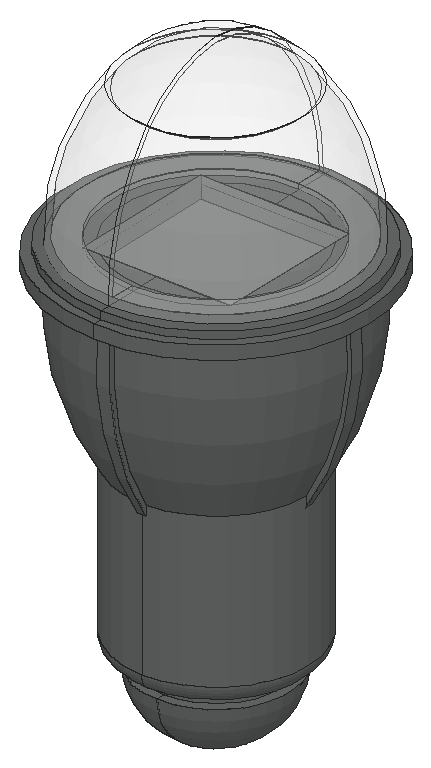
Revit family "MET30", category Lighting Fixtures, host Face, Revit 2021
Family settings
  Host = Face
  Round Connector Dimension = Use Diameter
  Part Type = Normal
  OmniClass Number = 23.80.70.14.21
  OmniClass Title = Street and Roadway Lighting
  Cut with Voids When Loaded = No
  Light Source = Yes
  Shared = No
  Room Calculation Point = No
Parameters (values of type "Basic Black Textured")
  Watts = 136 W
  Wattage Comments = "55-136 W"  # constant formula
  Wattage = 55 W
  built-in parameter 1150110 = 1 (stored number, unit not read)
  Voltage = 120 V  # constant formula
  URL = "https://www.currentlighting.com/beacon"
  built-in parameter 1114217 = 1 (stored number, unit not read)
  Tilt Angle = -90.00°
  built-in parameter 1150109 = 1 (stored number, unit not read)
  built-in parameter 1150134 = 2
  built-in parameter 1150113 = 1 (stored number, unit not read)
  Product Page URL = ""
  Product Documentation Link = ""
  Photometric Web File = "generic"
  built-in parameter 1150142 = (empty or 0)
  Model = "Metropolis"  # constant formula
  Style Option [instance] = Metropolis Style : DEF
  Manufacturer = " Beacon Products"  # constant formula
  built-in parameter 1150105 = 650.13 (stored number, unit not read)
  Lumens = 8169.81 lm
  built-in parameter 1150115 = 1 (stored number, unit not read)
  built-in parameter 1150137 = (empty or 0)
  built-in parameter 1150139 = (empty or 0)
  Light Bulb Material = Glass
  built-in parameter 1150112 = 1 (stored number, unit not read)
  built-in parameter 1150114 = 1 (stored number, unit not read)
  Lamp = "LED"  # constant formula
  built-in parameter 1150132 = (empty or 0)
  built-in parameter 1150102 = (empty or 0)
  built-in parameter 1150107 = 5000 (stored number, unit not read)
  built-in parameter 1150138 = (empty or 0)
  built-in parameter 1150106 = 6.5013 (stored number, unit not read)
  Finish = Paint - Basic Black Textured
  built-in parameter 1150104 = 13.8 (stored number, unit not read)
  Dimming Lamp Color Temperature Shift = <None>
  Description = "30” Metropolis Luminaire"  # constant formula
  Default Elevation = 48"
  Color Filter = 16777215
  built-in parameter 1114218 = 1 (stored number, unit not read)
  built-in parameter 1150133 = 10 (stored number, unit not read)
  Apparent Load = 0 VA
Types (13): name | Style Option | Finish
  (no name) | Metropolis Style : DEF | Paint - Basic Black Textured
  Basic Black Textured | Metropolis Style : DEF | Paint - Basic Black Textured
  Black Matte Textured | Metropolis Style : DEF | Paint -Black Matte Textured
  Bronze Textured | Metropolis Style : DEF | Paint -  Bronze Textured
  Dark Bronze Textured | Metropolis Style : DPF | Paint - Dark Bronze Textured
  Dark Platinum Smooth | Metropolis Style : DEF | Paint - Dark Platinum Smooth
  Gray Smooth | Metropolis Style : DPF | Paint - Gray Smooth
  Green Textured | Metropolis Style : DEF | Paint - Green Textured
  Metallic Bronze Textured | Metropolis Style : DEF | Paint -  Metallic Bronze Textured
  Metallic Silver Textured | Metropolis Style : DEF | Paint - Metallic Silver Textured
  Metallic Titanium Textured | Metropolis Style : DEF | Paint -  Metallic Titanium Textured
  Old World Iron | Metropolis Style : DEF | Paint - Old World Iron
  White Texture | Metropolis Style : DEF | Paint -  White Texture
Reference planes (in)
  plane 1 "Center (Front/Back)": y = 0.03999
  plane 2: z = 0
  plane 3 "Center (Left/Right)": x = 0.00649
Dimensions and locks (in)
  host sketch curve to plane 1 "Center (Front/Back)" to host sketch curve = 48.03999", 47.96001"
  host sketch curve to plane 3 "Center (Left/Right)" to host sketch curve = 48.00649", 47.99351"
  aligned and locked: plane 2 to host face
  aligned and locked: level to host face
  aligned and locked: plane 1 "Center (Front/Back)" to nested 1
  aligned and locked: plane 3 "Center (Left/Right)" to nested 1
  aligned and locked: imposter light to nested 1  (x2)
  aligned and locked: plane 3 "Center (Left/Right)" to imposter light
Nested families (in)
  nested 1: "Metropolis Style" at (-1.66295, 0, 0), type <- "Style Option", Finish <- "Finish", type "DEF"
    with Finish Paint - Basic Black Textured, SHA no, Lense yes, DEF yes
Connectors (in)
  electrical at (0.00649, 0.03999, 0), driven by "Voltage", driven by "Apparent Load"
    settings: on nested 1, index 1, voltage 120 V, apparent load 0 VA, apparent load phase1 0 VA, apparent load phase2 0 VA, apparent load phase3 0 VA, power factor 1, load classification "Other", number of poles 1, system type 30, power factor state 1, is connector primary yes, connector utility no, sub classification motor no, connector description "Lighting Connector"
Definition of nested family "Metropolis Style"
  Parameters
    Wattage Comments = ""
    Voltage = ""
    URL = "http://www.beaconproducts.com/"
    SHA = yes
    Product Page URL = ""
    Product Documentation Link = ""
    Nominal Watts = 0 W
    Model = ""
    Manufacturer Phone = "800-345-4928"  # constant formula
    Manufacturer Fax = "941-751-5535"  # constant formula
    Manufacturer = "Beacon Lighting"  # constant formula
    Lense = no
    Lamp = ""
    Glass = none
    Finish [instance] = none
    Description = "Orbeon is a commercial grade LED parking garage and canopy downlight which utilizes high powered LEDs, precise efficient optical control, and features\r\napplication versatility through integrated intelligent control options."
    Default Elevation = 48"
    DPF = no
    DEF = no
    Apparent Load = 0 VA
  Reference planes (in)
    plane 1 "Center (Front/Back)": y = 0.03999
    plane 2: z = 0
    plane 3 "Center (Left/Right)": x = 1.66944
    plane 4: y = 13.28999
    plane 5: y = -13.21001
    plane 6: z = 26.6
    plane 7: z = 33.6
    plane 8: z = 22.6
    plane 9: z = 4
    plane 10: z = 13.25
    plane 11: y = 7.28999
    plane 12: y = -7.21001
    plane 13: y = 5.03999
    plane 14: y = -4.96001
    plane 15: x = -2.33056
    plane 16: x = 5.66944
    plane 17: y = 4.03999
    plane 18: y = -3.96001
  Forms (in)
    Extrusion 1, solid
      sketch origin (0, 0, 0.06357) x (1, 0, 0) y (0, 1, 0)
        loop
          line (-48, 48) -> (-48, -48) -> (48, -48) -> (48, 48) -> (-48, 48)
      from -0.06357 to -17.74365
    Revolve 2, solid, material <- "Finish"
      sketch origin (1.66944, 0, 0) x (0, 1, 0) y (0, 0, 1)
        loop
          line (0.03999, 0) -> (0.03999, 23.74047) -> (-4.96001, 23.74047) -> (-7.71001, 23.74047) -> (-7.71001, 23.33357) -> (-8.21001, 23.33357) -> (-8.21001, 22.6) -> (-7.21001, 22.6)
          arc (-7.21001, 22.6) -> (-6.89532, 17.73001) -> (-4.96001, 13.25) r 14.28772
          line (-4.96001, 13.25) -> (-4.96001, 5)
          arc (-4.96001, 5) -> (-4.66712, 4.29289) -> (-3.96001, 4) r 1
          line (-3.96001, 4) -> (-3.4377, 4) -> (-3.4377, 3.35711) -> (-2.37704, 3.35711) -> (-1.87704, 2.85711) -> (-0.90069, 2.85711) -> (-0.90069, 0) -> (0.03999, 0)
        axis (0.03999, 23.74047) -> (0.03999, 0)
      angle from 0 to 360
    Extrusion 3, void
      sketch origin (0, 0, 0) x (1, 0, 0) y (0, 1, 0)
        loop
          line (-2.33056, 4.03999) -> (-2.33056, -3.96001) -> (5.66944, -3.96001) -> (5.66944, 4.03999) -> (-2.33056, 4.03999)
      from 22.6 to 23.74047
    Extrusion 4, solid, material <- "Glass"
      sketch origin (0, 0, 0) x (1, 0, 0) y (0, 1, 0)
        loop
          line (5.66944, 4.03999) -> (-2.33056, 4.03999) -> (-2.33056, -3.96001) -> (5.66944, -3.96001) -> (5.66944, 4.03999)
      from 23.33357 to 23.74047
    Revolve 5, solid, material <- "Finish", visible <- "SHA"
      sketch origin (1.66944, 0, 0) x (0, 1, 0) y (0, 0, 1)
        loop
          line (7.28999, 22.6) -> (9.97819, 22.6) -> (12.82885, 26.40089) -> (13.28999, 26.40089) -> (13.28999, 26.6) -> (12.97819, 26.6) -> (12.60319, 26.6) -> (9.82819, 22.9) -> (7.28999, 22.9) -> (7.28999, 22.6)
        axis (0.03999, 26.6) -> (0.03999, 22.6)
      angle from 0 to 360
    Revolve 6, solid, material <- "Glass", visible <- "Lense"
      sketch origin (1.66944, 0, 0) x (0, 1, 0) y (0, 0, 1)
        loop
          arc (-4.62891, 31.311) -> (-6.62476, 27.7662) -> (-7.21001, 23.74047) r 11.10425
          line (-7.21001, 23.74047) -> (-5.56831, 23.74047) -> (-5.56831, 24.04047) -> (-6.91789, 24.04047)
          arc (-6.91789, 24.04047) -> (-6.29381, 27.80431) -> (-4.40043, 31.11657) r 10.80425
          arc (-4.40043, 31.11657) -> (-2.40173, 32.65862) -> (0.03999, 33.29954) r 6.34644
          line (0.03999, 33.29954) -> (0.03999, 33.6)
          arc (0.03999, 33.6) -> (-2.5276, 32.93103) -> (-4.62891, 31.311) r 6.64644
        axis (0.03999, 33.6) -> (0.03999, 23.74047)
      angle from 0 to 360
    Revolve 7, solid, material <- "Finish", visible <- "DPF"
      sketch origin (1.66944, 0, 0) x (0, 1, 0) y (0, 0, 1)
        loop
          line (1.95703, 2.85711) -> (0.98068, 2.85711) -> (0.98068, 0) -> (1.95703, 0) -> (1.95703, 2.85711)
        axis (0.03999, 2.85711) -> (0.03999, 0)
      angle from 0 to 360
    Revolve 8, solid, material <- "Finish", visible <- "DEF"
      sketch origin (1.66944, 0, 0) x (0, 1, 0) y (0, 0, 1)
        loop
          line (0.03999, 3.35711) -> (0.03999, 0) -> (0.98068, 0)
          arc (0.98068, 0) -> (3.08173, 1.15785) -> (4.03999, 3.35711) r 3.72223
          line (4.03999, 3.35711) -> (0.03999, 3.35711)
        axis (0.03999, 3.35711) -> (0.03999, 0)
      angle from 0 to 360
    Revolve 9, solid, material <- "Finish"
      sketch origin (0, 0.03999, 0) x (1, 0, 0) y (0, 0, 1)
        loop
          arc (8.91944, 22.6) -> (8.60482, 17.72999) -> (6.66944, 13.25) r 14.28657
          line (6.66944, 13.25) -> (6.66944, 12.71466)
          arc (6.66944, 12.71466) -> (8.83839, 17.4268) -> (9.22114, 22.6) r 14.58657
          line (9.22114, 22.6) -> (8.91944, 22.6)
        axis (1.66944, 12.71466) -> (1.66944, 22.6)
      angle from -2.5 to 2.5
    Revolve 10, solid, material <- "Finish"
      sketch origin (1.66944, -1.62945, 0) x (0, 1, 0) y (0, 0, 1)
        loop
          arc (8.91944, 22.6) -> (8.60482, 17.72999) -> (6.66944, 13.25) r 14.28657
          line (6.66944, 13.25) -> (6.66944, 12.71466)
          arc (6.66944, 12.71466) -> (8.83839, 17.4268) -> (9.22114, 22.6) r 14.58657
          line (9.22114, 22.6) -> (8.91944, 22.6)
        axis (1.66944, 12.71466) -> (1.66944, 22.6)
      angle from -2.5 to 2.5
    Revolve 11, solid, material <- "Finish"
      sketch origin (3.33889, 0.03999, 0) x (-1, 0, 0) y (0, 0, 1)
        loop
          arc (8.91944, 22.6) -> (8.60482, 17.72999) -> (6.66944, 13.25) r 14.28657
          line (6.66944, 13.25) -> (6.66944, 12.71466)
          arc (6.66944, 12.71466) -> (8.83839, 17.4268) -> (9.22114, 22.6) r 14.58657
          line (9.22114, 22.6) -> (8.91944, 22.6)
        axis (1.66944, 12.71466) -> (1.66944, 22.6)
      angle from -2.5 to 2.5
    Revolve 12, solid, material <- "Finish"
      sketch origin (1.66944, 1.70943, 0) x (0, -1, 0) y (0, 0, -1)
        loop
          line (8.91944, -22.6) -> (9.22114, -22.6)
          arc (9.22114, -22.6) -> (8.83839, -17.4268) -> (6.66944, -12.71466) r 14.58657
          line (6.66944, -12.71466) -> (6.66944, -13.25)
          arc (6.66944, -13.25) -> (8.60482, -17.72999) -> (8.91944, -22.6) r 14.28657
        axis (1.66944, -12.71466) -> (1.66944, -22.6)
      angle from -2.5 to 2.5
  Cuts and joins
    Extrusion 3 cuts Revolve 2
    joined: Revolve 2, Revolve 9, Revolve 10, Revolve 11, Revolve 12
  Dimensions and locks (in)
    equal spacing: plane 4, plane 1 "Center (Front/Back)", plane 5
    locked: plane 4 to plane 1 "Center (Front/Back)" at 13.25
    locked: plane 6 to plane 2 at 26.6
    locked: plane 7 to plane 6 at 7
    locked: plane 6 to plane 8 at 4
    locked: plane 9 to plane 2 at 4
    equal spacing: plane 11, plane 1 "Center (Front/Back)", plane 12
    locked: plane 11 to plane 1 "Center (Front/Back)" at 7.25
    equal spacing: plane 13, plane 1 "Center (Front/Back)", plane 14
    equal spacing: plane 15, plane 3 "Center (Left/Right)", plane 16
    locked: plane 15 to plane 3 "Center (Left/Right)" at 4
    equal spacing: plane 17, plane 1 "Center (Front/Back)", plane 18
    locked: plane 17 to plane 1 "Center (Front/Back)" at 4
    aligned and locked: plane 2 to Extrusion 1
    aligned and locked: level to Extrusion 1
    aligned and locked: plane 1 "Center (Front/Back)" to Revolve 2 sketch curve
    aligned and locked: Revolve 2 sketch curve to Revolve 2 sketch curve
    aligned and locked: Revolve 2 sketch curve to level
    aligned and locked: Extrusion 3 sketch curve to plane 17
    aligned and locked: plane 15 to Extrusion 3 sketch curve
    aligned and locked: plane 18 to Extrusion 3 sketch curve
    aligned and locked: Extrusion 3 sketch curve to plane 16
    aligned and locked: Extrusion 3 to Revolve 2
    aligned and locked: Extrusion 3 to plane 8
    aligned and locked: Extrusion 4 sketch curve to cut or joined group of Revolve 2, Extrusion 3, Revolve 9, Revolve 10, Revolve 11, Revolve 12  (x4)
    aligned and locked: Extrusion 4 to cut or joined group of Revolve 2, Extrusion 3, Revolve 9, Revolve 10, Revolve 11, Revolve 12
    aligned and locked: cut or joined group of Revolve 2, Extrusion 3, Revolve 9, Revolve 10, Revolve 11, Revolve 12 to Extrusion 4
    aligned and locked: plane 1 "Center (Front/Back)" to Revolve 5 sketch curve
    aligned and locked: Revolve 5 sketch curve to plane 11
    aligned and locked: plane 1 "Center (Front/Back)" to Revolve 6 sketch curve
    aligned and locked: Revolve 7 sketch curve to cut or joined group of Revolve 2, Extrusion 3, Revolve 9, Revolve 10, Revolve 11, Revolve 12  (x3)
    aligned and locked: cut or joined group of Revolve 2, Extrusion 3, Revolve 9, Revolve 10, Revolve 11, Revolve 12 to Revolve 7 sketch curve
    aligned and locked: plane 1 "Center (Front/Back)" to Revolve 7 sketch curve
    aligned and locked: plane 1 "Center (Front/Back)" to Revolve 8 sketch curve  (x2)
    aligned and locked: plane 3 "Center (Left/Right)" to Revolve 9 sketch curve
  Automatic sketch dimensions
    Extrusion 1 sketch curve to Extrusion 1 sketch curve = 96"  (x2)
    Revolve 2 sketch curve to plane 8 = 0"
    Revolve 2 sketch curve to plane 12 = 0"
    Revolve 2 sketch curve to plane 14 = 0"  (x2)
    Revolve 2 sketch curve to plane 10 = 0"
    Revolve 2 sketch curve to plane 9 = 0"
    Revolve 2 sketch curve to plane 18 = 0"
    plane 12 to Revolve 2 sketch curve = 1/2"
    Revolve 2 sketch curve to Revolve 2 sketch curve = 1/2"  (x2)
    plane 18 to Revolve 2 sketch curve = 0.52231"
    Revolve 2 sketch curve to Revolve 2 sketch curve = 1.06066"
    Revolve 2 sketch curve to Revolve 2 sketch curve = 0.94069"
    plane 11 to Revolve 2 sketch curve = 0.29414"
    Revolve 2 sketch curve to Revolve 2 sketch curve = 15.4"
    Revolve 2 sketch curve to plane 9 = 1.14289"
    Revolve 2 sketch curve to plane 9 = 0.64289"
    plane 8 to Revolve 2 sketch curve = 0.73357"
    plane 8 to Revolve 2 sketch curve = 1.14047"
    plane 7 to Revolve 2 sketch curve = 8"
    Revolve 5 sketch curve to plane 8 = 0"
    Revolve 5 sketch curve to plane 6 = 0"
    Revolve 5 sketch curve to plane 4 = 0"
    plane 8 to Revolve 5 sketch curve = 0.3"
    Revolve 5 sketch curve to Revolve 5 sketch curve = 2.5382"
    Revolve 5 sketch curve to Revolve 5 sketch curve = 0.15"
    Revolve 5 sketch curve to Revolve 5 sketch curve = 0.6868"
    Revolve 5 sketch curve to plane 6 = 0.19911"
    Revolve 5 sketch curve to Revolve 5 sketch curve = 0.22566"
    Revolve 5 sketch curve to Revolve 5 sketch curve = 0.14934"
    plane 10 to Revolve 5 sketch curve = 1.85"
    Revolve 5 sketch curve to plane 7 = 2 1/4"
    Revolve 6 sketch curve to Revolve 6 sketch curve = 0"  (x4)
    Revolve 6 sketch curve to plane 12 = 0"
    Revolve 6 sketch curve to plane 1 "Center (Front/Back)" = 0"
    Revolve 6 sketch curve to plane 7 = 0"
    Revolve 6 sketch curve to plane 12 = 0.29212"
    plane 14 to Revolve 6 sketch curve = 0.6083"
    Revolve 6 sketch curve to plane 14 = 0.3311"
    Revolve 6 sketch curve to Revolve 6 sketch curve = 0.22848"
    Revolve 6 sketch curve to plane 1 "Center (Front/Back)" = 0.35823"
    Revolve 6 sketch curve to plane 17 = 0.15457"
    Revolve 6 sketch curve to Revolve 6 sketch curve = 0.30046"
    Revolve 6 sketch curve to Revolve 6 sketch curve = 1.69954"
    Revolve 6 sketch curve to Revolve 6 sketch curve = 0.289"
    Revolve 6 sketch curve to Revolve 6 sketch curve = 2.78036"
    level to Revolve 6 sketch curve = 0.6"
    Revolve 7 sketch curve to level = 0.51189"
    plane 9 to Revolve 7 sketch curve = 0.98811"
    Revolve 8 sketch curve to level = 0"
    Revolve 8 sketch curve to plane 17 = 0"
    Revolve 8 sketch curve to plane 1 "Center (Front/Back)" = 0.29053"
    Revolve 8 sketch curve to Revolve 8 sketch curve = 0.94069"
    Revolve 8 sketch curve to plane 9 = 0.64289"
    plane 9 to Revolve 8 sketch curve = 3"
    Revolve 8 sketch curve to plane 10 = 2"
    Revolve 9 sketch curve to Revolve 9 sketch curve = 0"  (x2)
    Revolve 9 sketch curve to plane 10 = 0"
    Revolve 9 sketch curve to plane 8 = 0"
    Revolve 9 sketch curve to plane 15 = 2.95467"
    Revolve 9 sketch curve to plane 10 = 0.53534"
    plane 16 to Revolve 9 sketch curve = 1"
    plane 16 to Revolve 9 sketch curve = 3 1/4"
    Revolve 9 sketch curve to level = 1.4"
    Revolve 9 sketch curve to Revolve 9 sketch curve = 6 3/4"
    Revolve 10 sketch curve to Revolve 10 sketch curve = 0"  (x2)
    Revolve 10 sketch curve to plane 1 "Center (Front/Back)" = 0"
    Revolve 10 sketch curve to plane 13 = 0"
    Revolve 10 sketch curve to plane 8 = 0"
    Revolve 10 sketch curve to plane 11 = 0"
    Revolve 10 sketch curve to plane 10 = 0"
    Revolve 10 sketch curve to plane 12 = 0.29533"
    Revolve 10 sketch curve to plane 11 = 0.30169"
    Revolve 10 sketch curve to level = 1.4"
    Revolve 10 sketch curve to Revolve 10 sketch curve = 6 3/4"
    Revolve 11 sketch curve to Revolve 11 sketch curve = 0"  (x2)
    Revolve 11 sketch curve to plane 3 "Center (Left/Right)" = 0"
    Revolve 11 sketch curve to plane 10 = 0"
    Revolve 11 sketch curve to plane 8 = 0"
    plane 16 to Revolve 11 sketch curve = 2.95467"
    Revolve 11 sketch curve to plane 10 = 0.53534"
    Revolve 11 sketch curve to plane 15 = 1"
    Revolve 11 sketch curve to plane 15 = 3 1/4"
    Revolve 11 sketch curve to level = 1.4"
    Revolve 11 sketch curve to Revolve 11 sketch curve = 6 3/4"
    Revolve 12 sketch curve to Revolve 12 sketch curve = 0"  (x2)
    Revolve 12 sketch curve to plane 1 "Center (Front/Back)" = 0"
    Revolve 12 sketch curve to plane 14 = 0"
    Revolve 12 sketch curve to plane 8 = 0"
    Revolve 12 sketch curve to plane 12 = 0"
    Revolve 12 sketch curve to plane 10 = 0"
    plane 11 to Revolve 12 sketch curve = 0.29533"
    plane 12 to Revolve 12 sketch curve = 0.30169"
    Revolve 12 sketch curve to level = 1.4"
    Revolve 12 sketch curve to Revolve 12 sketch curve = 6 3/4"
